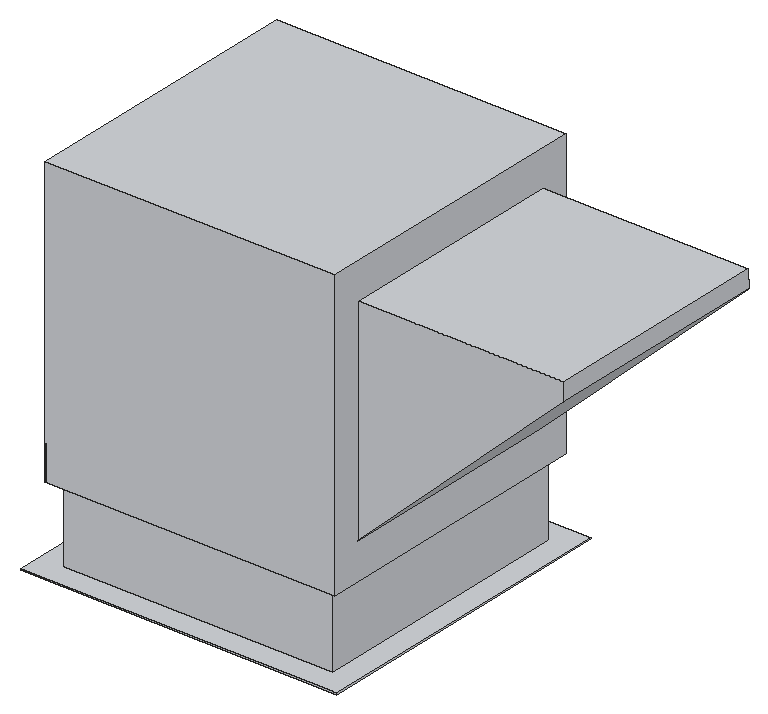
Revit family "KSP-B_SIDE", category Mechanical Equipment, Revit 2019
Family settings
  Round Connector Dimension = Use Diameter
  Part Type = Normal
  Work Plane-Based = No
  Always vertical = Yes
  Cut with Voids When Loaded = No
  Shared = No
  Room Calculation Point = No
Parameters (values of type "90KSPB_Side")
  W/2 = W / 2  # 0' - 5 25/32"
  W = 0' - 11 9/16"
  Unit Weight [instance] = ""
  T_SQ/2 = T_SQ / 2  # 1' - 0 1/16"
  T_SQ = 2' - 0 1/8"
  Sones [instance] = ""
  RO/2 = RO / 2  # 0' - 9 3/4"
  RO = 1' - 7 1/2"
  Motor RPM [instance] = ""
  Motor Enclosure [instance] = ""
  ModelID [instance] = ""
  LwA [instance] = ""
  K = 0' - 5 1/4"
  H = 0' - 10 1/8"
  G = 0' - 3"
  Fan RPM [instance] = ""
  FILTER_H = 1' - 10 3/4"
  FILTER_W = 1' - 5 3/4"
  F = 0' - 7"
  E = 0' - 6 7/32"
  D = 1' - 5 1/4"
  C_W/2 = C_W / 2  # 0' - 9 5/8"
  C_W = 1' - 7 1/4"
  C_H = 1' - 6"
  CURB_HEIGHT [instance] = 0' - 9 1/2"
  CURB [instance] = yes
  Brake Hp [instance] = ""
  B = 2' - 0"
  Accessories [instance] = ""
  A/2 = A / 2  # 1' - 0 3/32"
  A = 2' - 0 3/16"
  4 = 0' - 4"  # constant formula
  2" = 0' - 2"  # constant formula
  0 = 0' - 0"  # constant formula
  Voltage [instance] = 0 V
  URL = "www.lorencook.com"
  Type Comments = "Filtered Kitchen Supply Packaged Ventilator Belt Drive Side Discharge"  # constant formula
  Static Pressure [instance] = 0.00 in-wg
  Power [instance] = Voltage * Motor FLA * sqrt(if(Phase = 3, 3, 1))  # 0 VA
  Phase [instance] = 0
  Number of Poles [instance] = 1
  Motor Hp [instance] = "0"
  Motor FLA [instance] = 0 A
  Model = "KSP-B_Side"  # constant formula
  Manufacturer = "Loren Cook Company"
  CFM [instance] = 0 CFM
  1.5 = 0' - 1 1/2"  # constant formula
  3/4 = 0' - 0 3/4"  # constant formula
  ONE EIGTH = 0' - 0 1/8"  # constant formula
  -(C_W/2) = -(C_W / 2)  # -0' - 9 5/8"
Types (7): name | W/2 | W | T_SQ/2 | T_SQ | RO/2 | RO | K | H | FILTER_H | FILTER_W | F | E | D | C_W/2 | C_W | C_H | B | A/2 | A | -(C_W/2)
  (no name) | 0' - 5 25/32" | 0' - 11 9/16" | 1' - 0 1/16" | 2' - 0 1/8" | 0' - 9 3/4" | 1' - 7 1/2" | 0' - 5 1/4" | 0' - 10 1/8" | 1' - 10 3/4" | 1' - 5 3/4" | 0' - 7" | 0' - 6 7/32" | 1' - 5 1/4" | 0' - 9 5/8" | 1' - 7 1/4" | 1' - 6" | 2' - 0" | 1' - 0 3/32" | 2' - 0 3/16" | -0' - 9 5/8"
  90KSPB_Side | 0' - 5 25/32" | 0' - 11 9/16" | 1' - 0 1/16" | 2' - 0 1/8" | 0' - 9 3/4" | 1' - 7 1/2" | 0' - 5 1/4" | 0' - 10 1/8" | 1' - 10 3/4" | 1' - 5 3/4" | 0' - 7" | 0' - 6 7/32" | 1' - 5 1/4" | 0' - 9 5/8" | 1' - 7 1/4" | 1' - 6" | 2' - 0" | 1' - 0 3/32" | 2' - 0 3/16" | -0' - 9 5/8"
  100KSPB_Side | 0' - 6 7/16" | 1' - 0 7/8" | 1' - 2 1/16" | 2' - 4 1/8" | 0' - 11 3/4" | 1' - 11 1/2" | 0' - 5 1/4" | 0' - 11 1/4" | 2' - 3" | 1' - 9 3/4" | 0' - 8 7/16" | 0' - 7 5/8" | 1' - 8 1/4" | 0' - 11 1/8" | 1' - 10 1/4" | 1' - 9" | 2' - 3" | 1' - 2 3/32" | 2' - 4 3/16" | -0' - 11 1/8"
  120KSPB_Side | 0' - 7 11/16" | 1' - 3 3/8" | 1' - 4 1/16" | 2' - 8 1/8" | 1' - 1 3/4" | 2' - 3 1/2" | 0' - 5 1/4" | 1' - 1 5/16" | 2' - 10 3/8" | 2' - 1 3/4" | 0' - 8 3/4" | 0' - 8 3/8" | 2' - 1 5/8" | 1' - 1 1/4" | 2' - 2 1/2" | 2' - 2 3/16" | 2' - 8 1/4" | 1' - 4 3/32" | 2' - 8 3/16" | -1' - 1 1/4"
  150KSPB_Side | 0' - 9 3/16" | 1' - 6 3/8" | 1' - 4 1/16" | 2' - 8 1/8" | 1' - 1 3/4" | 2' - 3 1/2" | 0' - 5 1/4" | 1' - 3 3/4" | 2' - 4" | 3' - 5 1/2" | 0' - 6 41/128" | 0' - 6 7/8" | 2' - 6 3/4" | 1' - 2 1/4" | 2' - 4 1/2" | 2' - 7 5/16" | 3' - 1 3/8" | 1' - 4 3/32" | 2' - 8 3/16" | -1' - 2 1/4"
  180KSPB_Side | 0' - 10 13/16" | 1' - 9 5/8" | 1' - 6 1/16" | 3' - 0 1/8" | 1' - 3 3/4" | 2' - 7 1/2" | 0' - 5 1/4" | 1' - 6 3/4" | 2' - 5 3/4" | 3' - 11 1/4" | 0' - 5 5/16" | 0' - 7 1/4" | 2' - 10 13/16" | 1' - 3 1/8" | 2' - 6 1/4" | 2' - 11 7/16" | 3' - 5 7/16" | 1' - 6 3/32" | 3' - 0 3/16" | -1' - 3 1/8"
  200KSPB_Side | 1' - 0 3/8" | 2' - 0 3/4" | 2' - 0 1/16" | 4' - 0 1/8" | 1' - 9 3/4" | 3' - 7 1/2" | 0' - 5 3/4" | 2' - 0 7/8" | 3' - 5 3/4" | 4' - 2" | 0' - 11 11/16" | 0' - 11 11/16" | 3' - 0 13/16" | 1' - 11" | 3' - 10" | 3' - 1 7/16" | 4' - 1 7/16" | 2' - 0 3/32" | 4' - 0 3/16" | -1' - 11"
Reference planes (in)
  plane 1 "Center (Front/Back)": y = 0
  plane 2: z = 0
  plane 3 "Center (Left/Right)": x = 0.40541
Forms (in)
  Extrusion 1, solid
    sketch origin (0, 0, 0) x (1, 0, 0) y (0, 1, 0)
      loop
        line (-11.68834, 12.09375) -> (-11.68834, -12.09375) -> (12.49916, -12.09375) -> (12.49916, 12.09375) -> (-11.68834, 12.09375)
    from 0 to 24 <- "B"
  Extrusion 2, void
    sketch origin (0, 0, 0) x (1, 0, 0) y (0, 1, 0)
      loop
        line (-11.65709, 12.0625) -> (-11.65709, -12.0625) -> (12.46791, -12.0625) -> (12.46791, 12.0625) -> (-11.65709, 12.0625)
    from 0 to 3 <- "G"
  Extrusion 3, solid
    sketch origin (0, 0, 0) x (1, 0, 0) y (0, 0, 1)
      loop
        line (12.49916, 21) -> (12.49916, 3) -> (29.74916, 19.5) -> (29.74916, 21) -> (12.49916, 21)
    from -9.625 <- "-(C_W/2)" to 9.625 <- "C_W/2"
  Extrusion 4, void
    sketch origin (-11.68834, -12.09375, 0) x (0, -1, 0) y (0, 0, -1)
      loop
        line (-17.875, -15.375) -> (-6.3125, -15.375) -> (-6.3125, -5.25) -> (-17.875, -5.25) -> (-17.875, -15.375)
    from 0 to 0.125
  Extrusion 5, solid, visible <- "CURB"
    sketch origin (0, 0, 3) x (0, 1, 0) y (1, 0, 0)
      loop
        line (-9.75, -9.34459) -> (9.75, -9.34459) -> (9.75, 10.15541) -> (-9.75, 10.15541) -> (-9.75, -9.34459)
      loop
        line (11.25, 11.65541) -> (-11.25, 11.65541) -> (-11.25, -10.84459) -> (11.25, -10.84459) -> (11.25, 11.65541)
    from 0 to 9.5 <- "CURB_HEIGHT"
  Extrusion 6, solid, visible <- "CURB"
    sketch origin (0, 0, -6.5) x (-1, 0, 0) y (0, 1, 0)
      loop
        line (10.84459, -11.25) -> (10.84459, 11.25) -> (-11.65541, 11.25) -> (-11.65541, -11.25) -> (10.84459, -11.25)
      loop
        line (-13.65541, 13.25) -> (-13.65541, -13.25) -> (12.84459, -13.25) -> (12.84459, 13.25) -> (-13.65541, 13.25)
    from 0 to -0.125
Cuts and joins
  Extrusion 2, Extrusion 4 cuts Extrusion 1
Dimensions and locks (in)
  "A": Extrusion 1 sketch curve to Extrusion 1 sketch curve  (x2)
  "A/2": plane 3 "Center (Left/Right)" to Extrusion 1 sketch curve
  "A/2": plane 1 "Center (Front/Back)" to Extrusion 1 sketch curve
  "T_SQ/2": Extrusion 2 sketch curve to plane 3 "Center (Left/Right)"
  "T_SQ": Extrusion 2 sketch curve to Extrusion 2 sketch curve  (x2)
  "T_SQ/2": plane 1 "Center (Front/Back)" to Extrusion 2 sketch curve
  "G": Extrusion 3 sketch curve to level
  "C_H": Extrusion 3 sketch curve to Extrusion 3 sketch curve
  "D": Extrusion 3 sketch curve to cut or joined group of Extrusion 1, Extrusion 2, Extrusion 4
  "0": Extrusion 3 sketch curve to cut or joined group of Extrusion 1, Extrusion 2, Extrusion 4
  "1.5": Extrusion 3 sketch curve to Extrusion 3 sketch curve
  "W": Extrusion 4 sketch curve to Extrusion 4 sketch curve
  "W/2": plane 1 "Center (Front/Back)" to Extrusion 4 sketch curve
  "H": Extrusion 4 sketch curve to Extrusion 4 sketch curve
  "K": Extrusion 4 sketch curve to level
  "1.5": Extrusion 5 sketch curve to Extrusion 5 sketch curve  (x4)
  "RO/2": Extrusion 5 sketch curve to plane 3 "Center (Left/Right)"
  "RO/2": plane 3 "Center (Left/Right)" to Extrusion 5 sketch curve
  "RO/2": Extrusion 5 sketch curve to plane 1 "Center (Front/Back)"  (x2)
  "2"": Extrusion 6 sketch curve to Extrusion 6 sketch curve  (x4)
  "0": Extrusion 6 sketch curve to Extrusion 5  (x3)
  "0": Extrusion 5 to Extrusion 6 sketch curve
Connectors (in)
  hvac at (-11.68834, 0, 10.3125), driven by "H", driven by "W", driven by "CFM"
    settings: on cut or joined group of Extrusion 1, Extrusion 2, Extrusion 4, index 1, duct flow 0 CFM, flow factor 0, pres drop 0.00 in-wg, loss coef 0, conn angle 0.00°, conn width 11 9/16", conn height 10 1/8", conn diameter 24", duct sys type 1, conn prof type 1, flow config 0, flow direction 1, loss method 0, conn ref index -1, conn util no, is conn primary yes, conn desc ""
  electrical at (-11.68834, 0, 12)
    settings: on cut or joined group of Extrusion 1, Extrusion 2, Extrusion 4, index 2, voltage 0 V, apparent load 0 VA, apparent load phase1 0 VA, apparent load phase2 0 VA, apparent load phase3 0 VA, power factor 1, load classification "Other", number of poles 1, system type 30, power factor state 1, is connector primary yes, connector utility no, sub classification motor no, connector description ""
